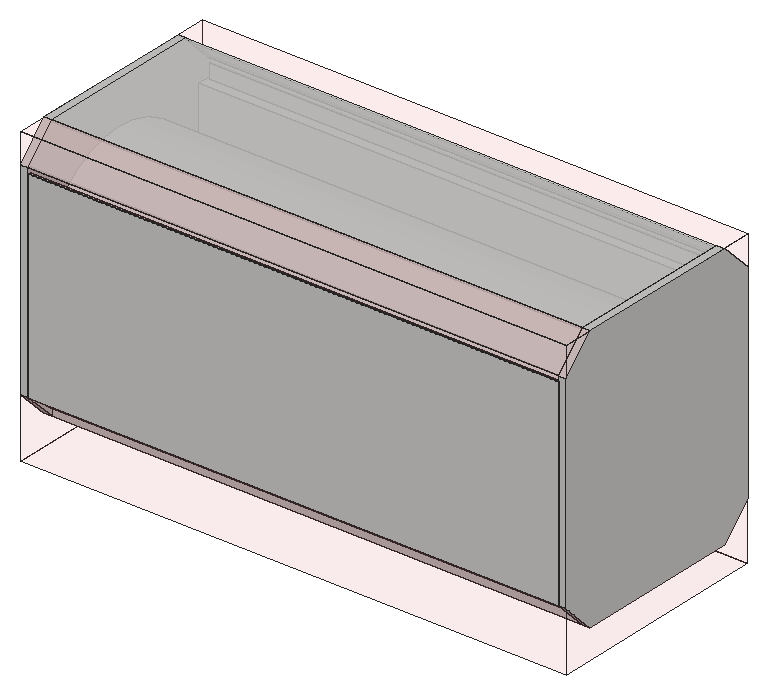
Revit family "Air-Curtain_Climate-Control_PoweredAire_ETD", category Mechanical Equipment, host Face, Revit 2025
Family settings
  Host = Face
  Round Connector Dimension = Use Diameter
  Part Type = Normal
  OmniClass Number = 23.75.35.17.21
  OmniClass Title = Air Curtains
  Cut with Voids When Loaded = No
  Maintain Annotation Orientation = No
  Shared = No
  Room Calculation Point = No
Parameters
  Warranty Duration (Years) = 0
  Unit Width Notes = "Other Widths available."  # constant formula
  Unit Width = 3' - 0"
  Unit Weight = 0
  Unit Height = 1' - 3"
  Unit Depth = 1' - 5 1/2"
  URL = "http://www.poweredaire.com/"
  Test Data = ""
  Temperature Rise_Range = "as Specified"
  Standards Conformance = "as Specified"
  Specification = "http://www.arcat.com/sdspecs/htm04/23_34_33pai.htm"
  SpecWizard = ""
  Sound Pressure = "as Specified"
  Sales Information = "http://www.poweredaire.com/contact_us"
  Revision = "R1_2016-08"
  Projection from Host [instance] = 0' - 2"
  Product Properties = ""
  Product Data = "http://www.arcat.com/arcatcos/cos47/arc47623.html"
  Power Rating = 0 W
  Outlet Volume_Range = "as Specified"
  Outlet Velocity_Range = "as Specified"
  Nozzle Width = if(1 = 1, Unit Width - 0' 1", 0' 0")  # 2' - 11"
  Mounting Width = if(1 = 1, Unit Width - 0' 0 15/16", 0' 0")  # 2' - 11 1/16"
  Mounting Height [instance] = 3' - 6"
  Motor RPM = 0
  Motor HP = 0
  Motor Count = 0
  Model = "As Specified"
  Max Height = 0' - 0"
  Manufacturer Website = "http://www.poweredaire.com/"
  Manufacturer Phone - Toll Free = "888-321-2473"
  Manufacturer Phone = "724-588-3305"
  Manufacturer Fax = "724-588-3371"
  Manufacturer Address = "109 Mortensen Rd.  Greenville, PA 16125"
  Manufacturer = "Powered Aire, Inc"
  Maintenance Schedule (Months) = 0
  Keynote = "23 34 33"
  Installation-Fabrication = ""
  Installation Phase = ""
  Include Clearance [instance] = yes
  Heating Element Load = 0 W
  HVAC_Temperature Rise [instance] = 0 °F
  HVAC_Outlet Volume [instance] = 0 CFM
  HVAC_Outlet Velocity Uniformity = 0
  HVAC_Outlet Velocity [instance] = 0 FPM
  Green Building-LEED = "http://www.arcat.com/green/clients/leed_data_47623.html"
  Front Grating Material [instance] = Metal - Steel - PoweredAire - Stainless 304 Perforated
  Frame Finish [instance] = Metal - Steel - PoweredAire - Stainless 304
  Expected Lifespan (Years) = 0
  Electrical_Wattage [instance] = Power Rating + Heating Element Load  # 0 W
  Electrical_Voltage [instance] = 0 V
  Electrical_Phase [instance] = 1
  Electrical_Frequency [instance] = 0 Hz
  Electrical_Amperage [instance] = 0 A
  Drawn By = "Sumex Design, Inc. / Robert S. Weygant, CSI, CDT, SCIP"
  Description = "Powered Aire Air Curtain as Specified"
  Default Elevation = 0' - 0"  # constant formula
  Copyright = "©Arcat Inc."
  Construction Details = "http://www.arcat.com/details/powair/prod3336.html"
  Clearance_Top [instance] = 0' - 0"
  Clearance_Side B [instance] = 0' - 0"
  Clearance_Side A [instance] = 0' - 0"
  Clearance_Intake [instance] = 0' - 0"
  Clearance_Bottom [instance] = 0' - 0"
  Clearance Material [instance] = ARCAT Clearance
  Building Codes = ""
  Available Options [instance] = "as Specified"
  Assembly Code = "D3090400"
Reference planes (in)
  plane 1 "Center (Elevation)": y = 0.13818
  plane 2: z = 0
  plane 3 "Center (Left/Right)": x = 0
  plane 4: y = 7.63818
  plane 5: y = -7.36182
  plane 6: x = -18
  plane 7: x = 18
  plane 8: z = 19.5
  plane 9 "FF": y = -41.86182
  plane 10: z = 2
  plane 11: x = 17.5
  plane 12: x = -17.5
  plane 13: y = 7.63818
  plane 14: y = -7.36182
  plane 15: x = -18
  plane 16: x = 18
  plane 17: z = 19.5
Forms (in)
  Extrusion 1, solid, material "Metal - Steel - PoweredAire - Stainless 304" <- "Frame Finish"
    sketch origin (0, 0, 0) x (0, 1, 0) y (0, 0, 1)
      loop
        line (5.69363, 2) -> (7.63818, 3.94454) -> (7.63818, 17.55546) -> (5.69363, 19.5) -> (-5.41728, 19.5) -> (-7.36182, 17.55546) -> (-7.36182, 3.94454) -> (-5.41728, 2) -> (5.69363, 2)
    from 17.5 to 18
  Extrusion 2, solid, material "Metal - Steel - PoweredAire - Stainless 304" <- "Frame Finish"
    sketch origin (0, 0, -0.5) x (0, 1, 0) y (0, 0, 1)
      loop
        circle (0.13818, 10.9739) r 6.25
      loop
        line (6.63818, 16.89427) -> (6.63818, 5.87829) -> (7.33849, 5.87829) -> (7.33849, 16.89427) -> (6.63818, 16.89427)
      loop
        line (-7.02798, 16.76927) -> (-7.02798, 5.75329) -> (-6.36182, 5.75329) -> (-6.36182, 16.76927) -> (-7.02798, 16.76927)
    from -17.5 to 17.5
  Extrusion 3, solid, material "Metal - Steel - PoweredAire - Stainless 304" <- "Frame Finish"
    sketch origin (0, 0, 0) x (0, 1, 0) y (0, 0, -1)
      loop
        line (5.69363, -2) -> (-5.41728, -2) -> (-7.36182, -3.94454) -> (-7.36182, -17.55546) -> (-5.41728, -19.5) -> (5.69363, -19.5) -> (7.63818, -17.55546) -> (7.63818, -3.94454) -> (5.69363, -2)
    from 17.5 to 18
  Extrusion 4, solid, material "Metal - Steel - PoweredAire - Stainless 304" <- "Frame Finish"
    sketch origin (0, 0, 0) x (0, 1, 0) y (0, 0, 1)
      loop
        line (-5.41728, 2) -> (5.69363, 2) -> (7.63818, 3.94454) -> (7.63818, 17.19454) -> (7.51318, 17.19454) -> (7.51318, 3.99632) -> (5.64186, 2.125) -> (-5.29228, 2.125) -> (-5.29228, 4.06954) -> (-7.23682, 4.06954) -> (-7.23682, 17.19454) -> (-7.36182, 17.19454) -> (-7.36182, 3.94454) -> (-5.41728, 3.94454) -> (-5.41728, 2)
      loop
        line (-6.64819, 3.61034) -> (-5.8702, 2.83235) -> (-5.74472, 2.95783) -> (-6.52271, 3.73583) -> (-6.64819, 3.61034)
    from -17.5 to 17.5
  Extrusion 5, solid, material "Metal - Steel - PoweredAire - Stainless 304 Perforated" <- "Front Grating Material"
    sketch origin (0, 0, 0) x (0, 1, 0) y (0, 0, 1)
      loop
        line (-7.36182, 17.19454) -> (-7.23682, 17.19454) -> (-7.23682, 17.50368) -> (-5.3655, 19.375) -> (5.64186, 19.375) -> (7.51318, 17.50368) -> (7.51318, 17.19454) -> (7.63818, 17.19454) -> (7.63818, 17.55546) -> (5.69363, 19.5) -> (-5.41728, 19.5) -> (-7.36182, 17.55546) -> (-7.36182, 17.19454)
    from -17.5 to 17.5
  Extrusion 6, solid, material "ARCAT Clearance" <- "Clearance Material", visible <- "Include Clearance"
    sketch origin (0, 0, 0) x (0, 1, 0) y (0, 0, 1)
      loop
        line (-7.36182, 19.5) -> (-7.36182, 0) -> (7.63818, 0) -> (7.63818, 19.5) -> (-7.36182, 19.5)
    from -18 to 18
Dimensions and locks (in)
  equal spacing: plane 4, plane 1 "Center (Elevation)", plane 5
  "Unit Height": plane 4 to plane 5
  equal spacing: plane 6, plane 3 "Center (Left/Right)", plane 7
  "Unit Width": plane 6 to plane 7
  "Mounting Height": plane 1 "Center (Elevation)" to plane 9 "FF"
  "Projection from Host": plane 10 to level
  "Unit Depth": plane 8 to plane 10
  locked: plane 6 to plane 12 at 0.5
  locked: plane 11 to plane 7 at 0.5
  "Clearance_Side A": plane 7 to plane 16
  "Clearance_Side B": plane 15 to plane 6
  "Clearance_Top": plane 13 to plane 4
  "Clearance_Bottom": plane 5 to plane 14
  "Clearance_Intake": plane 17 to plane 8
  aligned and locked: plane 2 to host face
  aligned and locked: level to host face
  aligned and locked: plane 7 to Extrusion 1
  aligned and locked: Extrusion 1 to plane 11
  aligned and locked: plane 12 to Extrusion 3
  aligned and locked: Extrusion 3 to plane 6
  aligned and locked: Extrusion 2 to plane 12
  aligned and locked: plane 11 to Extrusion 2
  aligned and locked: plane 11 to Extrusion 4
  aligned and locked: Extrusion 4 to plane 12
  aligned and locked: plane 11 to Extrusion 5
  aligned and locked: Extrusion 5 to plane 12
  aligned and locked: Extrusion 6 sketch curve to plane 17
  aligned and locked: plane 14 to Extrusion 6 sketch curve
  aligned and locked: level to Extrusion 6 sketch curve
  aligned and locked: Extrusion 6 sketch curve to plane 13
  aligned and locked: plane 16 to Extrusion 6
  aligned and locked: Extrusion 6 to plane 15
Automatic sketch dimensions
  host sketch curve to host sketch curve = 8' - 0"  (x2)
  Extrusion 1 sketch curve to plane 5 = 0' - 0"
  Extrusion 1 sketch curve to plane 8 = 0' - 0"
  Extrusion 1 sketch curve to plane 10 = 0' - 0"
  Extrusion 1 sketch curve to plane 4 = 0' - 0"
  plane 5 to Extrusion 1 sketch curve = 0' - 1.94454"  (x2)
  Extrusion 1 sketch curve to plane 4 = 0' - 1.94454"  (x2)
  plane 10 to Extrusion 1 sketch curve = 0' - 1.94454"  (x2)
  Extrusion 1 sketch curve to plane 8 = 0' - 1.94454"  (x2)
  Extrusion 2 sketch curve to plane 1 "Center (Elevation)" = 0' - 0"
  plane 5 to Extrusion 2 sketch curve = 0' - 1"
  plane 5 to Extrusion 2 sketch curve = 0' - 0.33384"
  Extrusion 2 sketch curve to plane 4 = 0' - 1"
  Extrusion 2 sketch curve to plane 4 = 0' - 0.29969"
  plane 10 to Extrusion 2 sketch curve = 0' - 3.37829"
  plane 10 to Extrusion 2 sketch curve = 0' - 3.25329"
  Extrusion 2 sketch curve to plane 8 = 0' - 9.0261"
  Extrusion 2 sketch curve to plane 8 = 0' - 3.23073"
  Extrusion 2 sketch curve to plane 8 = 0' - 3.10573"
  Extrusion 3 sketch curve to plane 5 = 0' - 0"
  Extrusion 3 sketch curve to plane 8 = 0' - 0"
  Extrusion 3 sketch curve to plane 10 = 0' - 0"
  Extrusion 3 sketch curve to plane 4 = 0' - 0"
  plane 5 to Extrusion 3 sketch curve = 0' - 1.94454"  (x2)
  Extrusion 3 sketch curve to plane 4 = 0' - 1.94454"  (x2)
  Extrusion 3 sketch curve to plane 8 = 0' - 1.94454"  (x2)
  plane 10 to Extrusion 3 sketch curve = 0' - 1.94454"  (x2)
  Extrusion 4 sketch curve to plane 5 = 0' - 0"
  Extrusion 4 sketch curve to plane 10 = 0' - 0"
  Extrusion 4 sketch curve to plane 4 = 0' - 0"
  plane 5 to Extrusion 4 sketch curve = 0' - 0 1/8"
  plane 5 to Extrusion 4 sketch curve = 0' - 0.71363"
  Extrusion 4 sketch curve to Extrusion 4 sketch curve = 0' - 0.12548"  (x2)
  Extrusion 4 sketch curve to Extrusion 4 sketch curve = 0' - 0.778"
  Extrusion 4 sketch curve to Extrusion 4 sketch curve = 0' - 0.32744"
  Extrusion 4 sketch curve to Extrusion 4 sketch curve = 0' - 0 1/8"  (x2)
  plane 10 to Extrusion 4 sketch curve = 0' - 0 1/8"
  Extrusion 4 sketch curve to plane 4 = 0' - 1.99632"
  Extrusion 4 sketch curve to Extrusion 4 sketch curve = 0' - 0.05178"  (x2)
  plane 10 to Extrusion 4 sketch curve = 0' - 0.83235"
  plane 10 to Extrusion 4 sketch curve = 0' - 1.94454"
  Extrusion 4 sketch curve to Extrusion 4 sketch curve = 0' - 0.3342"
  Extrusion 4 sketch curve to plane 4 = 0' - 0 1/8"
  Extrusion 4 sketch curve to plane 8 = 0' - 2.30546"  (x2)
  Extrusion 5 sketch curve to plane 5 = 0' - 0"
  Extrusion 5 sketch curve to plane 8 = 0' - 0"
  Extrusion 5 sketch curve to plane 4 = 0' - 0"
  plane 5 to Extrusion 5 sketch curve = 0' - 0 1/8"
  plane 5 to Extrusion 5 sketch curve = 0' - 1.94454"
  Extrusion 5 sketch curve to plane 8 = 0' - 0 1/8"
  Extrusion 5 sketch curve to Extrusion 5 sketch curve = 0' - 0.05178"  (x4)
  Extrusion 5 sketch curve to plane 4 = 0' - 1.99632"
  Extrusion 5 sketch curve to plane 8 = 0' - 1.94454"  (x2)
  Extrusion 5 sketch curve to Extrusion 5 sketch curve = 0' - 0 1/8"
  Extrusion 5 sketch curve to Extrusion 5 sketch curve = 0' - 0.30914"  (x2)
  radius of Extrusion 2 sketch curve = 0' - 6 1/4"
Connectors (in)
  electrical at (0, 7.63818, 10.56954), driven by "Electrical_Phase", driven by "Electrical_Voltage"
    settings: on Extrusion 4, index 1, voltage 0 V, apparent load 0 VA, apparent load phase1 0 VA, apparent load phase2 0 VA, apparent load phase3 0 VA, power factor 1, load classification "Motor", number of poles 1, system type 31, power factor state 1, is connector primary yes, connector utility no, sub classification motor no, connector description ""
